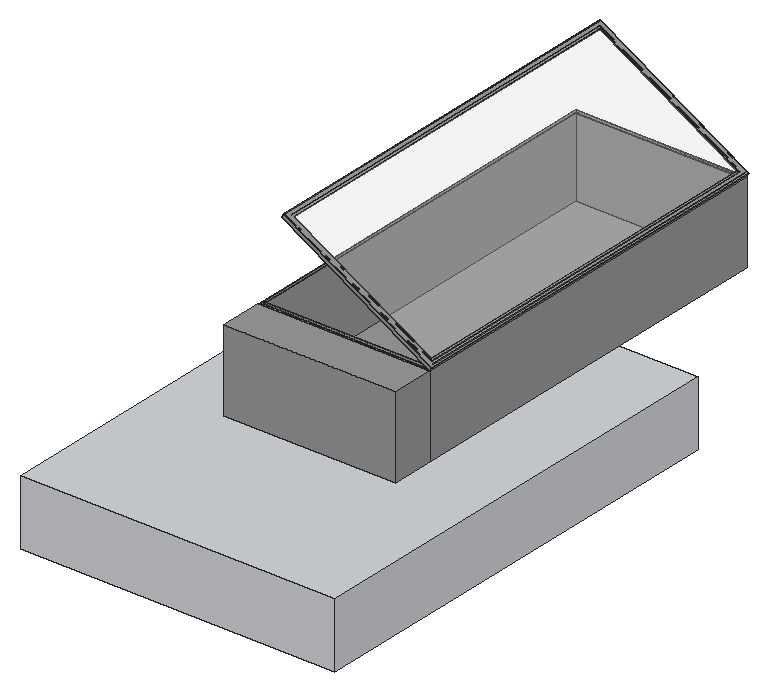
Revit family "Hager-Univers-IP55-D400-H2050-Cl.I-Steel_encl-CH-it", category Equipement électrique, Revit 2020
Family settings
  Hôte = Face
  Configuration du panneau = Deux colonnes, circuits au sein
  Cote de connecteur circulaire = Utiliser le diamètre
  Type d'élément = Tableau de raccordement
  Couper avec des vides une fois chargée = Non
  Partagée = Non
  Point de calcul de pièce = Non
Parameters (values of type "montaggio a pavimento IP55 L800 A2050 P400  - FR23V2")
  Width Control [instance] = if([EF000008 - Larghezza] > Min Width, [EF000008 - Larghezza], Min Width)  # 800 mm
  Commentaires du type = [HG000003 - Gamma]  # "Univers"
  Thickness Door [instance] = if([EF009171 - spessore materiale porta/coperchio] > 3 mm, 3 mm, [EF009171 - spessore materiale porta/coperchio])  # 1.5 mm
  Seal Frame Offset [instance] = 17 mm  # constant formula
  Plinth Visibility [instance] = [HG000027 - Altezza dello zoccolo] > 0 mm  # yes
  Model = ""
  Min Width [instance] = 100 mm  # constant formula
  Min Height [instance] = 100 mm  # constant formula
  Min Depth [instance] = (2 * [EF009170 - spessore materiale scatola]) + 1 mm  # 4 mm
  Internal Frame Depth [instance] = (Door System Depth * 0.5)  # 9 mm
  Height Control [instance] = if([EF000040 - Altezza] > Min Height, [EF000040 - Altezza], Min Height)  # 2050 mm
  HG000027 - Altezza dello zoccolo = 200 mm
  HG000026 - A pavimento = yes
  HG000024 - Altezza della sezione inferiore = 800 mm
  HG000023 - Custodia a doppia sezione = no
  HG000016 - Visibilità delle porte nella vista 3D [instance] = yes
  HG000015 - Visibilità attraverso la porta [instance] = no
  HG000014 - Porta destra [instance] = yes
  HG000013 - Porta sinistra [instance] = not([HG000014 - Porta destra])  # no
  HG000012 - Angolo di apertura della porta [instance] = 30.00°
  HG000010 - Porte asimmetriche = no
  HG000009 - Porta doppia a battente = no
  HG000006 - Ad incasso = no
  HG000004 - Codice produttore = "FR23V2"
  HG000003 - Gamma = "Univers"
  HG000002 - Con porta = yes
  Frame Offset Bottom [instance] = 10 mm  # constant formula
  Frame Offset [instance] = 15 mm  # constant formula
  EF015940 - Coprire con rilascio di sovrapressione = no
  EF011959 - tipo di protezione (NEMA) = ""
  EF009554 - numero delle aperture per la piastra della flangia = 6
  Fabricant = "Hager"  # constant formula
  EF009212 - esecuzione coperchio = "EV000116 - chiuso"
  EF009171 - spessore materiale porta/coperchio = 1.5 mm
  EF009170 - spessore materiale scatola = 1.5 mm
  EF008873 - corrente nominale (In) = 800 A
  EF007800 - adatto per parafulmine = no
  EF006306 - con serratura = no
  EF006244 - coperchio/porta trasparente = yes
  EF005474 - grado di protezione (IP) = "EV006420 - IP55"
  EF004464 - tipo di porta = "EV002646 - singolo"
  EF004427 - numero di moduli = 432
  EF004293 - resistenza agli urti = "EV008784 - IK10"
  EF003532 - adatto per uso esterno = no
  EF002950 - Numero moduli DIN = 24
  EF001613 - Integrità del circuito = "EV000494 - senza"
  EF001596 - Attacco Lampada = "EV000179 - acciaio"
  EF001131 - profondità interna = 400 mm
  EF001088 - possibilità di applicazione = yes
  EF000437 - numero di ingressi per conduttori = 6
  EF000339 - tipo di copertura = "EV004216 - porta"
  EF000266 - numero di file = 12
  EF000218 - profondità di incasso = 0 mm
  EF000118 - con piastra di montaggio = no
  EF000116 - numero RAL = "7035"
  EF000049 - profondità = 400 mm
  EF000040 - Altezza = 2050 mm
  EF000008 - Larghezza = 800 mm
  EF000007 - colore = "EV000270 - grigio"
  EF000003 - Tipo di montaggio = "EV012274 - montaggio a pavimento"
  Door System Leaf Tolerance [instance] = 1.5 mm  # constant formula
  Door System Depth [instance] = 18 mm  # constant formula
  Door Height [instance] = Height Control - [HG000027 - Altezza dello zoccolo]  # 1850 mm
  Depth Control [instance] = if([EF000049 - profondità] > Min Depth, [EF000049 - profondità], Min Depth)  # 400 mm
  Default Elevation = 0 mm
  Connector Offset [instance] = Height Control / 2  # 1025 mm
  Bottom Top Plate Trim [instance] = 1.5 mm  # constant formula
  Plinth height Ctrl [instance] = if([HG000027 - Altezza dello zoccolo] > 0 mm, [HG000027 - Altezza dello zoccolo], 12 mm)  # 200 mm
Types (11, lengths in mm): name | Width Control | HG000010 - Porte asimmetriche | HG000009 - Porta doppia a battente | HG000004 - Codice produttore | EF009554 - numero delle aperture per la piastra della flangia | EF006244 - coperchio/porta trasparente | EF004464 - tipo di porta | EF004427 - numero di moduli | EF000437 - numero di ingressi per conduttori | EF000008 - Larghezza
  montaggio a pavimento IP55 L1050 A2050 P400  - FR24G2 | 1050 | yes | yes | "FR24G2" | 8 | no | "EV003602 - doppio" | 576 | 8 | 1050
  montaggio a pavimento IP55 L1050 A2050 P400  - FR24V2 | 1050 | yes | yes | "FR24V2" | 8 | yes | "EV003602 - doppio" | 576 | 8 | 1050
  montaggio a pavimento IP55 L1300 A2050 P400  - FR25G2 | 1300 | yes | yes | "FR25G2" | 10 | no | "EV003602 - doppio" | 720 | 10 | 1300
  montaggio a pavimento IP55 L1300 A2050 P400  - FR25V2 | 1300 | yes | yes | "FR25V2" | 10 | yes | "EV003602 - doppio" | 720 | 10 | 1300
  montaggio a pavimento IP55 L1550 A2050 P400  - FR26G2 | 1550 | yes | yes | "FR26G2" | 12 | no | "EV003602 - doppio" | 864 | 12 | 1550
  montaggio a pavimento IP55 L1550 A2050 P400  - FR26V2 | 1550 | yes | yes | "FR26V2" | 12 | yes | "EV003602 - doppio" | 864 | 12 | 1550
  montaggio a pavimento IP55 L300 A2050 P400  - FR21G2 | 300 | no | no | "FR21G2" | 2 | no | "EV002646 - singolo" | 144 | 2 | 300
  montaggio a pavimento IP55 L550 A2050 P400  - FR22G2 | 550 | no | no | "FR22G2" | 4 | no | "EV002646 - singolo" | 288 | 4 | 550
  montaggio a pavimento IP55 L550 A2050 P400  - FR22V2 | 550 | no | no | "FR22V2" | 4 | yes | "EV002646 - singolo" | 288 | 4 | 550
  montaggio a pavimento IP55 L800 A2050 P400  - FR23G2 | 800 | no | no | "FR23G2" | 6 | no | "EV002646 - singolo" | 432 | 6 | 800
  montaggio a pavimento IP55 L800 A2050 P400  - FR23V2 | 800 | no | no | "FR23V2" | 6 | yes | "EV002646 - singolo" | 432 | 6 | 800
Reference planes
  plane 1 "Center (Front/Back)": y = 0
  plane 2: z = 0
  plane 3 "Center (Left/Right)": x = 0
  plane 4: z = 400
  plane 5: y = 201.5
  plane 6: y = 1125
  plane 7: y = 200
  plane 8: y = 2050
  plane 9: z = 0
  plane 10: x = -385
  plane 11: x = 385
  plane 12: x = 383.5
  plane 13: x = -383.5
  plane 14: y = 2048.5
  plane 15: x = -383
  plane 16: x = -400
  plane 17: x = 383
  plane 18: x = 400
  plane 19: x = 398.5
  plane 20: x = -398.5
  plane 21: y = 211.5
  plane 22: y = 2050
  plane 23: y = 2033.5
  plane 24: z = 382
  plane 25: z = 1.5
  plane 26: z = 380.5
  plane 27: z = 398.5
Forms (mm)
  Extrusion 1, solid
    sketch origin (0, 0, 0) x (1, 0, 0) y (0, 1, 0)
      loop
        line (-702.964, 1305) -> (-702.964, -811.445) -> (766.763, -811.445) -> (766.763, 1305) -> (-702.964, 1305)
    from 0 to -304.8
  Extrusion 2, solid, material "Hager_Steel_RAL7035_Light_Grey", visible <- "Plinth Visibility", detail levels medium+fine
    sketch origin (0, 0, 0) x (1, 0, 0) y (0, 1, 0)
      loop
        line (-400, 0) -> (400, 0) -> (400, 200) -> (-400, 200) -> (-400, 0)
    from 0 to 382
  Extrusion 3, solid, material "Hager_Steel_RAL7035_Light_Grey", detail levels medium+fine
    sketch origin (0, 0, 0) x (1, 0, 0) y (0, 1, 0)
      loop
        line (-400, 200) -> (400, 200) -> (400, 2050) -> (-400, 2050) -> (-400, 200)
    from 0 to 382
  Extrusion 4, void
    sketch origin (0, 0, 0) x (1, 0, 0) y (0, 1, 0)
      loop
        line (-398.5, 201.5) -> (398.5, 201.5) -> (398.5, 2048.5) -> (-398.5, 2048.5) -> (-398.5, 201.5)
    from 1.5 to 380.5
  Extrusion 5, void
    sketch origin (-381.607, -4572, 382) x (0, -1, 0) y (-1, 0, 0)
      loop
        line (-4783.5, 1.893) -> (-6605.5, 1.893) -> (-6605.5, -765.107) -> (-4783.5, -765.107) -> (-4783.5, 1.893)
    from 0 to 1.5 <- "EF009170 - spessore materiale scatola"
  Extrusion 6, solid, material "Hager_Steel_RAL7035_Light_Grey", detail levels fine
    sketch origin (0, 0, 382) x (1, 0, 0) y (0, 1, 0)
      loop
        line (-383.5, 2033.5) -> (-383.5, 211.5) -> (383.5, 211.5) -> (383.5, 2033.5) -> (-383.5, 2033.5)
      loop
        line (-385, 210) -> (385, 210) -> (385, 2035) -> (-385, 2035) -> (-385, 210)
    from 0 to 9 <- "Internal Frame Depth"
  Extrusion 7, solid, material "Hager_Steel_RAL7035_Light_Grey", detail levels coarse
    sketch origin (0, 0, 0) x (1, 0, 0) y (0, 1, 0)
      loop
        line (-400, 0) -> (400, 0) -> (400, 2050) -> (-400, 2050) -> (-400, 0)
    from 0 to 400
  Sweep 8, void
    path in 3D
      loop
        line (-400, 200, 0) -> (400, 200, 0) -> (400, 200, 382) -> (-400, 200, 382) -> (-400, 200, 0)
    profile origin (-400, 200, 191) x (-1, 0, 0) y (0, -1, 0)
      loop
        line (0, 0) -> (0, 1.5) -> (-1.5, 1.5)
        arc (-1.5, 1.5) -> (-1.061, 0.439) -> (0, 0) r 1.5
Cuts and joins
  Extrusion 4, Extrusion 5 cuts Extrusion 3
  Sweep 8 cuts Extrusion 2
Lines and regions (mm)
  Masking region 1
    outline origin (0, 0, 0) x (1, 0, 0) y (0, 0, 1)
      loop
        line (-400, 400) -> (-400, 0) -> (400, 0) -> (400, 400) -> (-400, 400)
  Masking region 2, detail levels medium+fine
    outline origin (0, 140, 0) x (0, 1, 0) y (0, 0, 1)
      loop
        line (60, 0) -> (1910, 0) -> (1910, 382) -> (60, 382) -> (60, 0)
  Masking region 3, not visible, detail levels medium+fine
    outline origin (0, 297.922, 0) x (0, 1, 0) y (0, 0, 1)
      loop
        line (838.578, 0) -> (878.578, 0) -> (878.578, 388.5)
        arc (878.578, 388.5) -> (875.649, 395.571) -> (868.578, 398.5) r 10
        line (868.578, 398.5) -> (838.578, 398.5) -> (838.578, 0)
  Masking region 4, detail levels coarse
    outline origin (0, 0, 180) x (0, 1, 0) y (0, 0, 1)
      loop
        line (0, -180) -> (2050, -180) -> (2050, 220) -> (0, 220) -> (0, -180)
  Masking region 5, visible <- "Plinth Visibility", detail levels medium+fine
    outline origin (0, 52.24, 12.345) x (0, 0, -1) y (0, 1, 0)
      loop
        line (10.845, 147.76) -> (-368.155, 147.76)
        arc (-368.155, 147.76) -> (-368.594, 146.699) -> (-369.655, 146.26) r 1.5
        line (-369.655, 146.26) -> (-369.655, -52.24) -> (12.345, -52.24) -> (12.345, 146.26)
        arc (12.345, 146.26) -> (11.285, 146.699) -> (10.845, 147.76) r 1.5
  Masking region 6, detail levels medium+fine
    outline origin (-381.607, -4572, 382) x (-1, 0, 0) y (0, -1, 0)
      loop
        line (18.393, -6622) -> (18.393, -4772) -> (-781.607, -4772) -> (-781.607, -6622) -> (18.393, -6622)
  Masking region 7, visible <- "Plinth Visibility", detail levels medium+fine
    outline origin (-381.607, -4727, 382) x (-1, 0, 0) y (0, -1, 0)
      loop
        arc (16.893, -4927) -> (17.332, -4925.939) -> (18.393, -4925.5) r 1.5
        line (18.393, -4925.5) -> (18.393, -4727) -> (-781.607, -4727) -> (-781.607, -4925.5)
        arc (-781.607, -4925.5) -> (-780.546, -4925.939) -> (-780.107, -4927) r 1.5
        line (-780.107, -4927) -> (16.893, -4927)
  Masking region 8, detail levels coarse
    outline origin (-442.548, -4669.526, 382) x (-1, 0, 0) y (0, -1, 0)
      loop
        line (-42.548, -6719.526) -> (-42.548, -4669.526) -> (-842.548, -4669.526) -> (-842.548, -6719.526) -> (-42.548, -6719.526)
  sketch lines
    curve 1: line (-400, 200, 382) -> (-400, 200, 0)
    curve 2: line (400, 200, 382) -> (-400, 200, 382)
    curve 3: line (400, 200, 382) -> (400, 200, 0)
    curve 4: line (-400, 200, 0) -> (400, 200, 0)
Dimensions and locks
  "Depth Control": plane 4 to Extrusion 1
  "HG000027 - Altezza dello zoccolo": plane 1 "Center (Front/Back)" to plane 7
  "EF009170 - spessore materiale scatola": plane 5 to plane 7
  locked: connector elem to plane 3 "Center (Left/Right)"
  equal spacing: plane 8, plane 6, plane 7
  locked: connector elem to plane 6
  "EF009170 - spessore materiale scatola": plane 8 to plane 14
  "EF009170 - spessore materiale scatola": plane 10 to plane 13
  "EF009170 - spessore materiale scatola": plane 12 to plane 11
  "Frame Offset": plane 20 to plane 13
  "Frame Offset": plane 12 to plane 19
  "EF009170 - spessore materiale scatola": plane 16 to plane 20
  "EF009170 - spessore materiale scatola": plane 19 to plane 18
  "Seal Frame Offset": plane 16 to plane 15
  "Seal Frame Offset": plane 17 to plane 18
  "Frame Offset Bottom": plane 21 to plane 5
  "Frame Offset": plane 14 to plane 23
  equal spacing: plane 16, plane 3 "Center (Left/Right)", plane 18
  "Width Control": plane 16 to plane 18
  "EF009170 - spessore materiale scatola": plane 4 to plane 27
  "EF009170 - spessore materiale scatola": plane 24 to plane 26
  "EF009170 - spessore materiale scatola": plane 25 to level
  "Door System Depth": plane 4 to plane 24
  "Height Control": plane 1 "Center (Front/Back)" to Extrusion 7 sketch curve
  "Height Control": Masking region 4 sketch curve to plane 1 "Center (Front/Back)"
  "Height Control": plane 1 "Center (Front/Back)" to plane 22
  "Bottom Top Plate Trim": profile plane to Sweep 8 sketch curve
  "Bottom Top Plate Trim": Sweep 8 sketch curve to profile plane
  "Plinth height Ctrl": plane 1 "Center (Front/Back)" to Extrusion 2 sketch curve
  "Plinth height Ctrl": Masking region 5 sketch curve to plane 1 "Center (Front/Back)"
  "Plinth height Ctrl": plane 1 "Center (Front/Back)" to Masking region 7 sketch curve
  "Thickness Door": Extrusion 6 sketch curve to Extrusion 6 sketch curve  (x3)
  "Thickness Door": cut or joined group of Extrusion 3, Extrusion 4, Extrusion 5 to Extrusion 6 sketch curve
  radius of Masking region 3 sketch curve = 10 mm
  "Bottom Top Plate Trim": radius of Masking region 5 sketch curve  (x2)
  "Bottom Top Plate Trim": radius of Sweep 8 sketch curve
  "Bottom Top Plate Trim": radius of Masking region 7 sketch curve  (x2)
  aligned and locked: plane 2 to Extrusion 1
  aligned and locked: level to Extrusion 1
  aligned and locked: level to Masking region 1 sketch curve
  aligned and locked: Masking region 1 sketch curve to plane 18
  aligned and locked: Masking region 1 sketch curve to plane 16
  aligned and locked: plane 7 to Masking region 2 sketch curve
  aligned and locked: level to Masking region 3 sketch curve
  aligned and locked: Masking region 3 sketch curve to plane 27
  aligned and locked: level to Masking region 2 sketch curve
  aligned and locked: plane 1 "Center (Front/Back)" to Extrusion 2 sketch curve
  aligned and locked: Extrusion 3 sketch curve to plane 7
  aligned and locked: plane 16 to Extrusion 3 sketch curve
  aligned and locked: plane 18 to Extrusion 3 sketch curve
  aligned and locked: plane 20 to Extrusion 4 sketch curve
  aligned and locked: plane 19 to Extrusion 4 sketch curve
  aligned and locked: Extrusion 4 sketch curve to plane 5
  aligned and locked: Extrusion 4 to plane 25
  aligned and locked: plane 26 to Extrusion 4
  aligned and locked: plane 24 to Extrusion 3
  aligned and locked: Extrusion 5 sketch curve to plane 21
  aligned and locked: Extrusion 5 sketch curve to plane 13
  aligned and locked: Extrusion 5 sketch curve to plane 12
  aligned and locked: plane 18 to Extrusion 7 sketch curve
  aligned and locked: plane 1 "Center (Front/Back)" to Extrusion 7 sketch curve
  aligned and locked: plane 16 to Extrusion 7 sketch curve
  aligned and locked: plane 4 to Extrusion 7
  aligned and locked: Extrusion 7 to level
  aligned and locked: level to Masking region 4 sketch curve
  aligned and locked: Masking region 4 sketch curve to plane 1 "Center (Front/Back)"
  aligned and locked: Masking region 4 sketch curve to plane 4
  aligned and locked: nested 1 to level
  aligned and locked: nested 1 to plane 16
  aligned and locked: plane 8 to Extrusion 3 sketch curve
  aligned and locked: plane 23 to Extrusion 5 sketch curve
  aligned and locked: plane 14 to Extrusion 4 sketch curve
  aligned and locked: Masking region 2 sketch curve to plane 8
  aligned and locked: level to Masking region 5 sketch curve
  aligned and locked: plane 16 to Extrusion 2 sketch curve
  aligned and locked: plane 18 to Extrusion 2 sketch curve
  aligned and locked: Masking region 5 sketch curve to plane 24
  aligned and locked: Masking region 2 sketch curve to plane 24
  aligned and locked: plane 24 to Extrusion 2
  aligned and locked: profile plane to Sweep 8 sketch curve  (x2)
  aligned and locked: Masking region 6 sketch curve to plane 18
  aligned and locked: Masking region 6 sketch curve to plane 22
  aligned and locked: Masking region 6 sketch curve to plane 16
  aligned and locked: plane 8 to plane 22
  aligned and locked: Masking region 6 sketch curve to plane 7
  aligned and locked: Masking region 7 sketch curve to plane 16
  aligned and locked: Masking region 7 sketch curve to plane 1 "Center (Front/Back)"
  aligned and locked: Masking region 7 sketch curve to plane 18
  aligned and locked: Masking region 8 sketch curve to plane 1 "Center (Front/Back)"
  aligned and locked: Masking region 8 sketch curve to plane 18
  aligned and locked: Masking region 8 sketch curve to plane 22
  aligned and locked: Masking region 8 sketch curve to plane 16
  aligned and locked: nested 2 to plane 7
  aligned and locked: plane 3 "Center (Left/Right)" to nested 2
  aligned and locked: nested 2 to plane 24
  aligned and locked: Extrusion 6 sketch curve to cut or joined group of Extrusion 3, Extrusion 4, Extrusion 5  (x4)
Automatic sketch dimensions
  Extrusion 1 sketch curve to Extrusion 1 sketch curve = 1469.727 mm
  Extrusion 1 sketch curve to Extrusion 1 sketch curve = 2116.445 mm
  Masking region 1 sketch curve to plane 4 = 0 mm
  plane 6 to Masking region 3 sketch curve = 11.5 mm
  Masking region 3 sketch curve to Masking region 3 sketch curve = 30 mm
  Masking region 5 sketch curve to plane 1 "Center (Front/Back)" = 0 mm
Nested families
  nested 1: "Hager_Enclosure_Symbol" at (-400, 0, 0) x (1, 0, 0) z (0, -1, 0), Height <- "Depth Control", Width <- "Width Control", type "Hager_Enclosure_Symbol"
    with Width_Ctrl 800 mm, Width 800 mm, Height_Ctrl 400 mm, Height 400 mm, A_Width_Int 26.25 mm, A_Width 315 mm, A_Height_Ctrl 350 mm, A_Height 350 mm
  nested 2: "EC000058_Univers_Door" at (0, 200, 382) x (1, 0, 0) z (0, 1, 0), Leaf_Tolerance <- "Door System Leaf Tolerance", Angle <- "HG000012 - Angolo di apertura della porta", Door_Depth <- "Door System Depth", Door_Left <- "HG000013 - Porta sinistra", Transparent <- "EF006244 - coperchio/porta trasparente", Assymetrical <- "HG000010 - Porte asimmetriche", Width <- "Width Control", Clearance <- "HG000015 - Visibilità attraverso la porta", Double <- "HG000009 - Porta doppia a battente", 3d_Door <- "HG000016 - Visibilità delle porte nella vista 3D", Lock_Visibility <- "EF006306 - con serratura", Width_Ctrl <- "Width Control", Door_Right <- "HG000014 - Porta destra", Door <- "HG000002 - Con porta", Height <- "Door Height", Thickness <- "Thickness Door", type "EC000058_Univers_Door", detail levels medium+fine
    with min_wh 4 mm, Width_Ctrl 800 mm, Width 800 mm, Transparent yes, Thickness 1.5 mm, Seal_Material Hager_Rubber, Lock_Visibility no, Lock_Material Hager_Plastic_RAL9005_Jet_Black, Leaf_Width 800 mm, Leaf_Tolerance_External_Sides 0 mm, Leaf_Tolerance 1.5 mm, Leaf_Offset 0 mm, Leaf_Height 1847 mm, Leaf_2_Width 800 mm, Leaf_2_Offset 400 mm, Leaf_1_Width 800 mm, Leaf_1_Offset 400 mm, Height_Ctrl 1850 mm, Height 1850 mm, Glass_Material Hager_Glass, Double_Clearance_Ctrl no, Double no, Door_Right_Ctrl yes, Door_Right yes, Door_Material Hager_Steel_RAL7035_Light_Grey, Door_Left_Ctrl no, Door_Left no, Door_Depth 18 mm, Door yes, Clearance_Material Hager_Clearance, Clearance_Depth 800 mm, Clearance_Ctrl no, Clearance no, Assymetrical no, Angle 30.00°, 3d_Door yes
Connectors
  electrical at (0, 1125, 0)
    settings: on plane 9, index 1, voltage 0 V, apparent load 0 VA, apparent load phase1 0 VA, apparent load phase2 0 VA, apparent load phase3 0 VA, power factor 1, load classification "Other", number of poles 1, system type 30, power factor state 1, is connector primary yes, connector utility no, sub classification motor no, connector description ""
Definition of nested family "EC000058_Univers_Door"
  Parameters (values of type "EC000058_Univers_Door")
    min_wh [instance] = (2 * Thickness) + 1 mm  # 11 mm
    Width_Ctrl [instance] = 400 mm
    Width [instance] = 500 mm
    Transparent [instance] = yes
    Thickness [instance] = 5 mm
    Seal_Material [instance] = none
    Lock_Visibility [instance] = yes
    Lock_Material [instance] = none
    Leaf_Width [instance] = if((Width_Ctrl - 2 * Leaf_Tolerance_External_Sides) > 0 mm, (Width_Ctrl - 2 * Leaf_Tolerance_External_Sides), min_wh)  # 400 mm
    Leaf_Tolerance_External_Sides [instance] = 0 mm  # constant formula
    Leaf_Tolerance [instance] = 1.5 mm
    Leaf_Offset [instance] = 0 mm  # constant formula
    Leaf_Height [instance] = if((Height_Ctrl - 2 * Leaf_Tolerance) > 0 mm, (Height_Ctrl - 2 * Leaf_Tolerance), min_wh)  # 497 mm
    Leaf_2_Width [instance] = if(and(and(Double, Assymetrical), Door_Left), (Leaf_Width / 3) - (Leaf_Tolerance / 2), if(and(and(Double, Assymetrical), Door_Right), (Leaf_Width / 3) * 2 - (Leaf_Tolerance / 2), if(and(Double, not(Assymetrical)), (Leaf_Width / 2) - Leaf_Tolerance, Leaf_Width)))  # 400 mm
    Leaf_2_Offset [instance] = if(and(Double, Assymetrical), Leaf_2_Width / 2, if(and(Double, not(Assymetrical)), Leaf_Width / 4, Leaf_Width / 2))  # 200 mm
    Leaf_1_Width [instance] = if(and(and(Double, Assymetrical), Door_Right), (Leaf_Width / 3) - (Leaf_Tolerance / 2), if(and(and(Double, Assymetrical), Door_Left), (Width / 3) * 2 - (Leaf_Tolerance / 2), if(and(Double, not(Assymetrical)), (Leaf_Width / 2) - Leaf_Tolerance, Leaf_Width)))  # 400 mm
    Leaf_1_Offset [instance] = if(and(Double, Assymetrical), Leaf_1_Width / 2, if(and(Double, not(Assymetrical)), Leaf_Width / 4, Leaf_Width / 2))  # 200 mm
    Height_Ctrl [instance] = if(Height > min_wh, Height, min_wh)  # 500 mm
    Height [instance] = 500 mm
    Glass_Material [instance] = none
    Double_Clearance_Ctrl [instance] = and(Double, Clearance)  # no
    Double [instance] = no
    Door_Right_Ctrl [instance] = and(or(Door_Right, Double), Door)  # yes
    Door_Right [instance] = yes
    Door_Material [instance] = none
    Door_Left_Ctrl [instance] = and(or(Door_Left, Double), Door)  # no
    Door_Left [instance] = no
    Door_Depth [instance] = 30 mm
    Door [instance] = yes
    Default Elevation = 1219.2 mm
    Clearance_Material [instance] = none
    Clearance_Depth [instance] = if(Leaf_1_Width > Leaf_2_Width, Leaf_1_Width, Leaf_2_Width)  # 400 mm
    Clearance_Ctrl [instance] = and(not(Double), Clearance)  # yes
    Clearance [instance] = yes
    Assymetrical [instance] = yes
    Angle [instance] = 30.00°
    3d_Door [instance] = yes
  Reference planes
    plane 1 "Center (Front/Back)": y = 0
    plane 2 "Bottom": z = 0
    plane 3 "Center (Left/Right)": x = 0
    plane 4: z = 500
    plane 5: x = -200
    plane 6: x = 200
    plane 7: z = 500
    plane 8: x = -200
    plane 9: z = 0
    plane 10: x = 200
    plane 11: y = 0
    plane 12: z = 1.5
    plane 13: x = -600
    plane 14: y = -400
    plane 15: x = 600
    plane 16: x = 0
    plane 17: x = 0
    plane 18: x = -200
    plane 19: x = 200
    plane 20: z = 498.5
  Forms (mm)
    Extrusion 1, solid, material <- "Clearance_Material", visible <- "Double_Clearance_Ctrl"
      sketch origin (1200, 0, 0) x (1, 0, 0) y (0, 0, -1)
        loop
          line (-1800, -498.5) -> (-600, -498.5) -> (-600, 0) -> (-1800, 0) -> (-1800, -498.5)
      from 0 to -400
  Dimensions and locks
    equal spacing: plane 5, plane 3 "Center (Left/Right)", plane 6
    "Width_Ctrl": plane 5 to plane 6
    "Leaf_Offset": plane 5 to plane 8
    "Leaf_Offset": plane 6 to plane 10
    "Leaf_Offset": plane 9 to level
    "Leaf_Offset": plane 4 to plane 7
    "Height_Ctrl": plane 4 to level
    "Leaf_Tolerance": plane 12 to plane 9
    locked: plane 11 to plane 1 "Center (Front/Back)"
    "Leaf_1_Offset": plane 18 to plane 16
    "Leaf_2_Offset": plane 17 to plane 19
    "Leaf_1_Width": plane 13 to plane 8
    "Leaf_2_Width": plane 10 to plane 15
    "Clearance_Depth": plane 14 to plane 1 "Center (Front/Back)"
    "Leaf_Tolerance_External_Sides": plane 8 to plane 18
    "Leaf_Tolerance_External_Sides": plane 19 to plane 10
    "Leaf_Tolerance": plane 7 to plane 20
    aligned and locked: level to plane 2 "Bottom"
    aligned and locked: nested 1 to plane 16
    aligned and locked: nested 2 to plane 17
    aligned and locked: Extrusion 1 to plane 13
    aligned and locked: plane 15 to Extrusion 1
    aligned and locked: Extrusion 1 to plane 14
    aligned and locked: plane 12 to nested 1
    aligned and locked: nested 2 to plane 12
    aligned and locked: Extrusion 1 to plane 11
    aligned and locked: plane 20 to Extrusion 1
    aligned and locked: nested 2 to plane 11
    aligned and locked: nested 1 to plane 11
  Automatic sketch dimensions
    Extrusion 1 sketch curve to level = 0 mm
    plane 5 to Extrusion 1 sketch curve = 400 mm
    plane 6 to Extrusion 1 sketch curve = 400 mm
    Extrusion 1 sketch curve to plane 4 = 1.5 mm
  Nested families
    nested 1: "EC000058_Univers_Door_Leaf" at (0, 0, 1.5), Width <- "Leaf_1_Width", visible <- "Door_Left_Ctrl", Leaf_Height <- "Leaf_Height", Angle <- "Angle", 3d_Door <- "3d_Door", Transparent <- "Transparent", Clearance Material <- "Clearance_Material", Clearance <- "Clearance_Ctrl", Door_Material <- "Door_Material", Glass_Material <- "Glass_Material", Door_Depth <- "Door_Depth", Lock_Material <- "Lock_Material", Seal_Material <- "Seal_Material", Lock_Visibility <- "Lock_Visibility", Thickness <- "Thickness", type "EC000058_Univers_Door_Leaf"
      with Width 400 mm, Transparent_Glass_Offset 30 mm, Transparent_Ctrl yes, Transparent yes, Thickness 5 mm, Standard no, Seal_Material none, Seal_D2 8 mm, Seal_D1 1 mm, Offset_Internal_Frame 10 mm, Lock_Width 20 mm, Lock_Visibility_3d yes, Lock_Visibility yes, Lock_Thickness_3 3 mm, Lock_Thickness_2 1 mm, Lock_Thickness_1 3 mm, Lock_Radius_Offset_2 16 mm, Lock_Radius_Offset_1 15 mm, Lock_Radius_2 5 mm, Lock_Radius 6 mm, Lock_Offset 5 mm, Lock_Material none, Lock_Height 80 mm, Lock_Cover_Top_Offset_2d 17 mm, Lock_Cover_Height -65 mm, Leaf_Height 497 mm, Internal_Seal_Thickness 8 mm, Internal_Seal_Depth_2 4.5 mm, Internal_Frame_Depth 25 mm, Glass_Thickness -1 mm, Glass_Offset -2 mm, Glass_Material none, Door_Material none, Door_Depth 30 mm, Clearance Material none, Clearance yes, Angle_Ctrl 30.00°, Angle 30.00°, 3d_Door yes
    nested 2: "EC000058_Univers_Door_Leaf" at (0, 0, 1.5) x (-1, 0, 0) z (0, 0, 1), Width <- "Leaf_2_Width", visible <- "Door_Right_Ctrl", Leaf_Height <- "Leaf_Height", Angle <- "Angle", 3d_Door <- "3d_Door", Transparent <- "Transparent", Clearance Material <- "Clearance_Material", Clearance <- "Clearance_Ctrl", Door_Material <- "Door_Material", Glass_Material <- "Glass_Material", Door_Depth <- "Door_Depth", Lock_Material <- "Lock_Material", Seal_Material <- "Seal_Material", Lock_Visibility <- "Lock_Visibility", Thickness <- "Thickness", type "EC000058_Univers_Door_Leaf"
      with Width 400 mm, Transparent_Glass_Offset 30 mm, Transparent_Ctrl yes, Transparent yes, Thickness 5 mm, Standard no, Seal_Material none, Seal_D2 8 mm, Seal_D1 1 mm, Offset_Internal_Frame 10 mm, Lock_Width 20 mm, Lock_Visibility_3d yes, Lock_Visibility yes, Lock_Thickness_3 3 mm, Lock_Thickness_2 1 mm, Lock_Thickness_1 3 mm, Lock_Radius_Offset_2 16 mm, Lock_Radius_Offset_1 15 mm, Lock_Radius_2 5 mm, Lock_Radius 6 mm, Lock_Offset 5 mm, Lock_Material none, Lock_Height 80 mm, Lock_Cover_Top_Offset_2d 17 mm, Lock_Cover_Height -65 mm, Leaf_Height 497 mm, Internal_Seal_Thickness 8 mm, Internal_Seal_Depth_2 4.5 mm, Internal_Frame_Depth 25 mm, Glass_Thickness -1 mm, Glass_Offset -2 mm, Glass_Material none, Door_Material none, Door_Depth 30 mm, Clearance Material none, Clearance yes, Angle_Ctrl 30.00°, Angle 30.00°, 3d_Door yes
  Definition of nested family "EC000058_Univers_Door_Leaf"
    Parameters (values of type "EC000058_Univers_Door_Leaf")
      Width [instance] = 2000 mm
      Transparent_Glass_Offset [instance] = 30 mm
      Transparent_Ctrl [instance] = and(Transparent, [3d_Door])  # yes
      Transparent [instance] = yes
      Thickness [instance] = 5 mm
      Standard [instance] = and(not(Transparent), [3d_Door])  # no
      Seal_Material [instance] = none
      Seal_D2 [instance] = 8 mm  # constant formula
      Seal_D1 [instance] = 1 mm  # constant formula
      Offset_Internal_Frame [instance] = 10 mm  # constant formula
      Lock_Width [instance] = 20 mm  # constant formula
      Lock_Visibility_3d [instance] = and(Lock_Visibility, [3d_Door])  # yes
      Lock_Visibility [instance] = yes
      Lock_Thickness_3 [instance] = 3 mm  # constant formula
      Lock_Thickness_2 [instance] = 1 mm  # constant formula
      Lock_Thickness_1 [instance] = 3 mm  # constant formula
      Lock_Radius_Offset_2 [instance] = Lock_Radius_Offset_1 + 1 mm  # 16 mm
      Lock_Radius_Offset_1 [instance] = 15 mm  # constant formula
      Lock_Radius_2 [instance] = Lock_Radius - 1 mm  # 5 mm
      Lock_Radius [instance] = 6 mm  # constant formula
      Lock_Offset [instance] = 5 mm  # constant formula
      Lock_Material [instance] = none
      Lock_Height [instance] = 80 mm  # constant formula
      Lock_Cover_Top_Offset_2d [instance] = Lock_Radius_Offset_2 + 1 mm  # 17 mm
      Lock_Cover_Height [instance] = -(Lock_Height - Lock_Radius_Offset_1)  # -65 mm
      Leaf_Height [instance] = 2720.336 mm
      Internal_Seal_Thickness [instance] = 8 mm  # constant formula
      Internal_Seal_Depth_2 [instance] = 4.5 mm  # constant formula
      Internal_Frame_Depth [instance] = if(Door_Depth - Thickness > 5 mm, Door_Depth - Thickness, 5 mm)  # 25 mm
      Glass_Thickness [instance] = if(Thickness > 15 mm, Glass_Offset + 10 mm, -1 mm)  # -1 mm
      Glass_Offset [instance] = if(Thickness > 15 mm, -(Thickness + 10 mm) / 2, -2 mm)  # -2 mm
      Glass_Material [instance] = none
      Door_Material [instance] = none
      Door_Depth [instance] = 30 mm
      Default Elevation = 0 mm
      Clearance Material [instance] = none
      Clearance [instance] = yes
      Angle_Ctrl [instance] = if(Angle > 180.00°, 180.00°, Angle)  # 90.00°
      Angle [instance] = 90.00°
      3d_Door [instance] = yes
    Reference planes
      plane 1 "Center (Front/Back)": y = 0
      plane 2: z = 0
      plane 3 "Center (Left/Right)": x = 0
      plane 4: y = 2000
      plane 5: x = -1000
      plane 6: x = 1000
      plane 7: x = -3000
      plane 8: z = 2720.336
      plane 9: z = 30
      plane 10: z = 2690.336
      plane 11: x = 970
      plane 12: x = -970
      plane 13: y = -3
      plane 14: z = 107.833
      plane 15: y = -5
      plane 16: y = -223.314
      plane 17: x = -1000
      plane 18: z = 1360.168
      plane 19: y = 30
    Forms (mm)
      Extrusion 1, solid, material <- "Clearance Material", visible <- "Clearance"
        sketch origin (0, 0, 0) x (1, 0, 0) y (0, 0, 1)
          loop
            line (-3000, 2720.336) -> (-3000, 0) -> (1000, 0) -> (1000, 2720.336) -> (-3000, 2720.336)
        from 0 to -2000
      Extrusion 2, solid, material <- "Door_Material", visible <- "Standard", detail levels medium+fine
        sketch origin (-1000, 0, 0) x (0, 1, 0) y (-1, 0, 0)
          loop
            line (0, 30) -> (0, 25) -> (2000, 25) -> (2000, 30) -> (0, 30)
        from 0 to 2720.336 <- "Leaf_Height"
      Extrusion 3, solid, material <- "Door_Material", visible <- "Transparent_Ctrl", detail levels medium+fine
        sketch origin (-1000, 0, 0) x (0, 1, 0) y (-1, 0, 0)
          loop
            line (0, 25) -> (2000, 25) -> (2000, 30) -> (0, 30) -> (0, 25)
        from 0 to 2720.336 <- "Leaf_Height"
      Extrusion 4, void
        sketch origin (-1025, 2000, 0) x (0, 1, 0) y (0, 0, -1)
          loop
            line (-30, -2690.336) -> (-30, -30) -> (-1970, -30) -> (-1970, -2690.336) -> (-30, -2690.336)
        from 0 to 5 <- "Thickness"
      Sweep 5, solid, material <- "Seal_Material", visible <- "Transparent_Ctrl", detail levels fine
        path in 3D
          loop
            line (-1025, 30, 30) -> (-1025, 30, 2690.336) -> (-1025, 1970, 2690.336) -> (-1025, 1970, 30) -> (-1025, 30, 30)
        profile origin (-1025, 1000, 30) x (1, 0, 0) y (0, 0, 1)
          loop
            line (0, 0) -> (0, -8) -> (1, -8) -> (1, 0) -> (0, 0)
      Extrusion 6, solid, material <- "Glass_Material", visible <- "Transparent_Ctrl", detail levels medium+fine
        sketch origin (-1030, 0, 0) x (0, 1, 0) y (0, 0, -1)
          loop
            line (1970, -2690.336) -> (1970, -30) -> (30, -30) -> (30, -2690.336) -> (1970, -2690.336)
        from -2 <- "Glass_Offset" to -1 <- "Glass_Thickness"
      Extrusion 7, solid, material <- "Door_Material", visible <- "3d_Door", detail levels medium+fine
        sketch origin (-1025, 2000, 0) x (0, -1, 0) y (0, 0, -1)
          loop
            line (0, -2720.336) -> (2000, -2720.336) -> (2000, 0) -> (0, 0) -> (0, -2720.336)
          loop
            line (1995, -5) -> (5, -5) -> (5, -2715.336) -> (1995, -2715.336) -> (1995, -5)
        from 0 to 25 <- "Internal_Frame_Depth"
      Sweep 8, solid, material <- "Seal_Material", visible <- "Transparent_Ctrl", detail levels fine
        path in 3D
          loop
            line (-1025, 0, 0) -> (-1025, 2000, 0) -> (-1025, 2000, 2720.336) -> (-1025, 0, 2720.336) -> (-1025, 0, 0)
        profile origin (-1025, 0, 1360.168) x (1, 0, 0) y (0, 1, 0)
          loop
            line (0, 10) -> (2.975, 10)
            arc (2.975, 10) -> (4.053, 10.447) -> (4.5, 11.525) r 1.525
            line (4.5, 11.525) -> (4.5, 16.527)
            arc (4.5, 16.527) -> (4.069, 17.569) -> (3.027, 18) r 1.473
            line (3.027, 18) -> (0, 18) -> (0, 10)
      Extrusion 9, solid, material <- "Lock_Material", visible <- "Lock_Visibility_3d", detail levels fine
        sketch origin (-1030, 0, 0) x (0, 1, 0) y (0, 0, -1)
          loop
            arc (1993.5, -1400.168) -> (1994.561, -1399.729) -> (1995, -1398.668) r 1.5
            line (1995, -1398.668) -> (1995, -1320.168) -> (1975, -1320.168) -> (1975, -1398.668)
            arc (1975, -1398.668) -> (1975.439, -1399.729) -> (1976.5, -1400.168) r 1.5
            line (1976.5, -1400.168) -> (1993.5, -1400.168)
        from 3 <- "Lock_Thickness_1" to 0
      Blend 10, solid, material <- "Lock_Material", visible <- "Lock_Visibility_3d", detail levels fine
        base sketch origin (-1033, 0, 0) x (0, 1, 0) y (0, 0, -1)
          loop
            line (1975, -1320.168) -> (1975, -1398.668)
            arc (1975, -1398.668) -> (1975.439, -1399.729) -> (1976.5, -1400.168) r 1.5
            line (1976.5, -1400.168) -> (1993.5, -1400.168)
            arc (1993.5, -1400.168) -> (1994.561, -1399.729) -> (1995, -1398.668) r 1.5
            line (1995, -1398.668) -> (1995, -1320.168) -> (1975, -1320.168)
        top sketch origin (-1033, 0, 0) x (0, 1, 0) y (0, 0, -1)
          loop
            line (1976, -1320.168) -> (1976, -1398.668)
            arc (1976, -1398.668) -> (1976.146, -1399.022) -> (1976.5, -1399.168) r 0.5
            line (1976.5, -1399.168) -> (1993.5, -1399.168)
            arc (1993.5, -1399.168) -> (1993.854, -1399.022) -> (1994, -1398.668) r 0.5
            line (1994, -1398.668) -> (1994, -1320.168) -> (1976, -1320.168)
        from 0 to 1 <- "Lock_Thickness_2"
      Blend 11, solid, material <- "Lock_Material", visible <- "Lock_Visibility_3d", detail levels fine
        base sketch origin (-1034, 0, 0) x (0, 1, 0) y (0, 0, -1)
          loop
            line (1978, -1320.168) -> (1978, -1384.168)
            arc (1978, -1384.168) -> (1985, -1391.168) -> (1992, -1384.168) r 7
            line (1992, -1384.168) -> (1992, -1320.168) -> (1978, -1320.168)
        top sketch origin (-1034, 0, 0) x (0, 1, 0) y (0, 0, -1)
          loop
            line (1991, -1320.168) -> (1979, -1320.168) -> (1979, -1383.168)
            arc (1979, -1383.168) -> (1985, -1389.168) -> (1991, -1383.168) r 6
            line (1991, -1383.168) -> (1991, -1320.168)
        from 0 to 3 <- "Lock_Thickness_3"
      Extrusion 12, solid, material <- "Lock_Material", visible <- "Lock_Visibility_3d", detail levels fine
        sketch origin (-1030, 1975, 1320.168) x (1, 0, 0) y (0, -1, 0)
          loop
            line (-7, -19) -> (-7, -1) -> (0, -1) -> (0, 0) -> (-8, 0) -> (-8, -20) -> (0, -20) -> (0, -19) -> (-7, -19)
        from 0 to -65 <- "Lock_Cover_Height"
      Extrusion 13, void
        sketch origin (-1038, 1995, 1320.168) x (-1, 0, 0) y (0, 0, -1)
          loop
            line (-5, -65) -> (0, -65) -> (-5, -60) -> (-5, -65)
        from 0 to 20 <- "Lock_Width"
      Extrusion 14, void
        sketch origin (-1038, 1975, 1320.168) x (0, -1, 0) y (0, 0, -1)
          loop
            circle (-10, -15.995) r 6
          loop
            circle (-10, -15.995) r 5
        from 0 to 2
      Extrusion 15, solid, material <- "Lock_Material", visible <- "Lock_Visibility_3d", detail levels medium
        sketch origin (-1030, 0, 0) x (0, 1, 0) y (0, 0, -1)
          loop
            arc (1993.5, -1400.168) -> (1994.561, -1399.729) -> (1995, -1398.668) r 1.5
            line (1995, -1398.668) -> (1995, -1320.168) -> (1975, -1320.168) -> (1975, -1398.668)
            arc (1975, -1398.668) -> (1975.439, -1399.729) -> (1976.5, -1400.168) r 1.5
            line (1976.5, -1400.168) -> (1993.5, -1400.168)
        from 8 to 0
    Cuts and joins
      Extrusion 4 cuts Extrusion 3
      Extrusion 13, Extrusion 14 cuts Extrusion 9
      Extrusion 14 cuts Blend 11
      Extrusion 13, Extrusion 14 cuts Extrusion 12
      joined: Extrusion 9, Blend 10, Blend 11, Extrusion 12
      Extrusion 14 cuts Extrusion 15
    Lines and regions (mm)
      Masking region 1, visible <- "Lock_Visibility", detail levels fine
        outline origin (0, 0, 0) x (0, 1, 0) y (0, 0, 1)
          loop
            line (30, 1320.168) -> (33, 1320.168) -> (33, 1400.168) -> (30, 1400.168) -> (30, 1320.168)
      Masking region 2, visible <- "Lock_Visibility", detail levels fine
        outline origin (0, 3.143, 0) x (0, 1, 0) y (0, 0, 1)
          loop
            line (29.857, 1354.168) -> (30.857, 1354.168) -> (30.857, 1366.168) -> (29.857, 1366.168) -> (29.857, 1354.168)
      Masking region 3, detail levels medium+fine
        outline origin (0, 0, 0) x (0, 1, 0) y (0, 0, 1)
          loop
            line (0, 0) -> (30, 0) -> (30, 2720.336) -> (0, 2720.336) -> (0, 0)
      Masking region 4, detail levels medium+fine
        outline origin (0, 0, 0) x (1, 0, 0) y (0, 0, 1)
          loop
            line (-1000, 2720.336) -> (-1000, 0) -> (1000, 0) -> (1000, 2720.336) -> (-1000, 2720.336)
      Masking region 5, visible <- "Lock_Visibility", detail levels fine
        outline origin (-47.116, 0, 0) x (1, 0, 0) y (0, 0, 1)
          loop
            arc (1024.616, 1399.168) -> (1023.556, 1398.729) -> (1023.116, 1397.668) r 1.5
            line (1023.116, 1397.668) -> (1023.116, 1320.168) -> (1041.116, 1320.168) -> (1041.116, 1397.668)
            arc (1041.116, 1397.668) -> (1040.677, 1398.729) -> (1039.616, 1399.168) r 1.5
            line (1039.616, 1399.168) -> (1024.616, 1399.168)
      Masking region 6, visible <- "Lock_Visibility", detail levels medium+fine
        outline origin (-25, 0, 0) x (1, 0, 0) y (0, 0, 1)
          loop
            arc (1001.5, 1400.168) -> (1000.439, 1399.729) -> (1000, 1398.668) r 1.5
            line (1000, 1398.668) -> (1000, 1320.168) -> (1020, 1320.168) -> (1020, 1398.668)
            arc (1020, 1398.668) -> (1019.561, 1399.729) -> (1018.5, 1400.168) r 1.5
            line (1018.5, 1400.168) -> (1001.5, 1400.168)
      Masking region 7, visible <- "Lock_Visibility", detail levels fine
        outline origin (-73.735, 0, 0) x (1, 0, 0) y (0, 0, 1)
          loop
            line (1051.735, 1382.168) -> (1065.735, 1382.168) -> (1065.735, 1384.168)
            arc (1065.735, 1384.168) -> (1058.735, 1391.168) -> (1051.735, 1384.168) r 7
            line (1051.735, 1384.168) -> (1051.735, 1382.168)
      Masking region 8, visible <- "Lock_Visibility", detail levels fine
        outline origin (-73.735, 0, 0) x (1, 0, 0) y (0, 0, 1)
          loop
            line (1052.735, 1382.168) -> (1064.735, 1382.168) -> (1064.735, 1383.168)
            arc (1064.735, 1383.168) -> (1058.735, 1389.168) -> (1052.735, 1383.168) r 6
            line (1052.735, 1383.168) -> (1052.735, 1382.168)
      Masking region 9, visible <- "Lock_Visibility", detail levels fine
        outline origin (-25, 0, 0) x (1, 0, 0) y (0, 0, 1)
          loop
            line (1020, 1320.168) -> (1020, 1382.168) -> (1000, 1382.168) -> (1000, 1320.168) -> (1020, 1320.168)
      Masking region 10, detail levels medium+fine
        outline origin (0, 0, 0) x (1, 0, 0) y (0, 0, 1)
          loop
            circle (985, 1335.144) r 6
      Masking region 11, detail levels fine
        outline origin (0, 0, 0) x (1, 0, 0) y (0, 0, 1)
          loop
            circle (985, 1335.144) r 5
      Masking region 12, visible <- "Lock_Visibility", detail levels fine
        outline origin (0, 12.767, 0) x (0, 1, 0) y (0, 0, 1)
          loop
            line (20.233, 1320.168) -> (21.233, 1320.168) -> (21.233, 1399.168) -> (20.233, 1400.168) -> (20.233, 1320.168)
      Masking region 13, visible <- "Lock_Visibility", detail levels fine
        outline origin (0, 13.767, -10) x (0, 1, 0) y (0, 0, 1)
          loop
            line (20.233, 1330.168) -> (23.233, 1330.168) -> (23.233, 1399.168) -> (20.233, 1402.168) -> (20.233, 1330.168)
      Masking region 14, visible <- "Lock_Visibility", detail levels fine
        outline origin (0, 12.767, -10) x (0, 1, 0) y (0, 0, 1)
          loop
            line (20.233, 1330.168) -> (25.233, 1330.168) -> (25.233, 1399.305) -> (20.233, 1394.305) -> (20.233, 1330.168)
      Masking region 15, visible <- "Lock_Visibility", detail levels medium
        outline origin (0, 0, 0) x (0, 1, 0) y (0, 0, 1)
          loop
            line (30, 1320.168) -> (38, 1320.168) -> (38, 1400.168) -> (30, 1400.168) -> (30, 1320.168)
      Masking region 16, visible <- "Lock_Visibility", detail levels fine
        outline origin (-1000, 0, 0) x (0, 1, 0) y (-1, 0, 0)
          loop
            line (1975, 30) -> (1995, 30) -> (1995, 38) -> (1975, 38) -> (1975, 30)
          loop
            line (1979, 37) -> (1976, 37) -> (1976, 34) -> (1978, 34) -> (1979, 37)
          loop
            line (1994, 37) -> (1991, 37) -> (1992, 34) -> (1994, 34) -> (1994, 37)
      Masking region 17, visible <- "Lock_Visibility", detail levels medium
        outline origin (-1000, 0, 0) x (0, 1, 0) y (-1, 0, 0)
          loop
            line (1975, 30) -> (1995, 30) -> (1995, 38) -> (1975, 38) -> (1975, 30)
      symbolic lines
        curve 1: line (1000, 0, 0) -> (-3000, 0, 0)
        curve 2: arc (1000, 0, 0) -> (-1000, 2000, 0) -> (-3000, 0, 0) r 2000
        curve 4: line (-1030, 0, 0) -> (-1030, 2000, 0)
      reference lines
        curve 3: line (-1000, 0, 0) -> (-1000, 2000, 0)
      symbolic lines, detail levels medium+fine
        curve 5: line (-1030, 2000, 0) -> (-1025, 2000, 0)
        curve 7: line (-1025, 0, 0) -> (-1030, 0, 0)
        curve 8: line (-1025, 0, 0) -> (-1000, 0, 0)
        curve 9: line (-1000, 0, 0) -> (-1000, 2000, 0)
        curve 10: line (-1000, 2000, 0) -> (-1025, 2000, 0)
      symbolic lines, detail levels fine
        curve 6: line (-1025, 2000, 0) -> (-1025, 0, 0)
      sketch lines
        curve 11: line (-1025, 0, 2720.336) -> (-1025, 0, 0)
        curve 12: line (-1025, 2000, 0) -> (-1025, 0, 0)
        curve 13: line (-1025, 2000, 2720.336) -> (-1025, 2000, 0)
        curve 14: line (-1025, 0, 2720.336) -> (-1025, 2000, 2720.336)
        curve 15: line (-1025, 1970, 30) -> (-1025, 30, 30)
        curve 16: line (-1025, 30, 30) -> (-1025, 30, 2690.336)
        curve 17: line (-1025, 1970, 2690.336) -> (-1025, 1970, 30)
        curve 18: line (-1025, 30, 2690.336) -> (-1025, 1970, 2690.336)
      symbolic lines, visible <- "Transparent", detail levels medium+fine
        curve 19: line (-970, 0, 2690.336) -> (970, 0, 2690.336)
        curve 20: line (-970, 0, 30) -> (-970, 0, 2690.336)
        curve 21: line (970, 0, 30) -> (-970, 0, 30)
        curve 22: line (970, 0, 2690.336) -> (970, 0, 30)
    Dimensions and locks
      "Width": plane 1 "Center (Front/Back)" to plane 4
      equal spacing: plane 5, plane 3 "Center (Left/Right)", plane 6
      "Width": plane 5 to plane 6
      "Width": plane 7 to plane 5
      "Leaf_Height": plane 8 to level
      "Width": curve 5 to curve 3
      "Width": curve 3 to curve 3
      plane 8 to plane 10 = 30 mm
      plane 9 to level = 30 mm
      plane 12 to plane 5 = 30 mm
      plane 6 to plane 11 = 30 mm
      Extrusion 1 to Extrusion 4 sketch curve = 30 mm
      "Transparent_Glass_Offset": curve 3 to Extrusion 4 sketch curve
      "Transparent_Glass_Offset": Extrusion 4 sketch curve to cut or joined group of Extrusion 3, Extrusion 4  (x2)
      cut or joined group of Extrusion 3, Extrusion 4 to Extrusion 6 sketch curve = 30 mm
      "Transparent_Glass_Offset": cut or joined group of Extrusion 3, Extrusion 4 to Extrusion 4 sketch curve
      "Thickness": curve 6 to curve 4
      "Thickness": Extrusion 7 sketch curve to Extrusion 7 sketch curve  (x4)
      "Door_Depth": curve 4 to curve 3
      "Offset_Internal_Frame": profile plane to Sweep 8 sketch curve
      "Internal_Seal_Thickness": Sweep 8 sketch curve to Sweep 8 sketch curve
      "Internal_Seal_Depth_2": profile plane to Sweep 8 sketch curve
      "Seal_D1": profile plane to Sweep 5 sketch curve
      "Seal_D2": profile plane to Sweep 5 sketch curve
      "Thickness": Extrusion 2 sketch curve to Extrusion 2 sketch curve
      equal spacing: Extrusion 9 sketch curve, plane 18, Extrusion 9 sketch curve  (x2)
      equal spacing: Masking region 1 sketch curve, plane 18, Masking region 1 sketch curve
      "Lock_Height": Masking region 1 sketch curve to Masking region 1 sketch curve
      "Lock_Radius": Masking region 2 sketch curve to plane 18 to Masking region 2 sketch curve
      Masking region 2 sketch curve to Masking region 1 = 1 mm
      "Door_Depth": plane 19 to plane 1 "Center (Front/Back)"
      "Lock_Thickness_1": Masking region 1 sketch curve to plane 19
      "Lock_Width": Extrusion 9 sketch curve to Extrusion 9 sketch curve
      "Lock_Height": Extrusion 9 sketch curve to Extrusion 9 sketch curve
      "Lock_Offset": cut or joined group of Extrusion 3, Extrusion 4 to Extrusion 9 sketch curve
      equal spacing: plane 8, plane 18, level
      "Lock_Radius_Offset_1": Blend 11 sketch curve to Blend 10
      locked: Blend 10 to Blend 11 sketch curve at 2  (x2)
      locked: var sketch to Blend 11 sketch curve at 1  (x2)
      "Lock_Radius_Offset_2": Blend 11 sketch curve to Blend 10
      locked: Extrusion 12 sketch curve to Extrusion 12 sketch curve at 1  (x3)
      Masking region 6 sketch curve to Masking region 6 sketch curve = 80 mm
      "Lock_Height": Masking region 6 sketch curve to Masking region 6 sketch curve
      "Lock_Width": Masking region 6 sketch curve to Masking region 6 sketch curve
      locked: Masking region 6 to Masking region 5 sketch curve at 1  (x3)
      locked: Masking region 5 to Masking region 7 sketch curve at 2  (x2)
      "Lock_Radius_Offset_1": Masking region 5 to Masking region 7 sketch curve
      "Lock_Radius_Offset_2": Masking region 5 to Masking region 8 sketch curve
      locked: Masking region 7 to Masking region 8 sketch curve at 1  (x2)
      "Lock_Cover_Top_Offset_2d": Masking region 5 to Masking region 9 sketch curve
      equal spacing: Masking region 9, Masking region 10 sketch curve, Masking region 9
      equal spacing: Masking region 9, Masking region 11 sketch curve, Masking region 9
      Extrusion 15 sketch curve to Extrusion 15 sketch curve = 80 mm
      "Lock_Width": Extrusion 15 sketch curve to Extrusion 15 sketch curve
      "Lock_Height": Extrusion 15 sketch curve to Extrusion 15 sketch curve
      equal spacing: Extrusion 15 sketch curve, plane 18, Extrusion 15 sketch curve
      "Lock_Thickness_3": Masking region 13 sketch curve to Masking region 13 sketch curve
      "Lock_Height": Masking region 12 sketch curve to Masking region 12 sketch curve
      locked: Masking region 13 sketch curve to Masking region 1 at 8
      locked: Masking region 14 sketch curve to Masking region 13 at 1
      locked: Masking region 14 sketch curve to Masking region 1 at 10.863
      "Lock_Height": Masking region 15 sketch curve to Masking region 15 sketch curve
      "Lock_Offset": Extrusion 15 sketch curve to cut or joined group of Extrusion 3, Extrusion 4
      "Lock_Offset": plane 6 to Masking region 6 sketch curve
      radius of Sweep 8 sketch curve = 1.525 mm
      radius of Sweep 8 sketch curve = 1.473 mm
      radius of Extrusion 9 sketch curve = 1.5 mm  (x2)
      "Lock_Radius": radius of Extrusion 14 sketch curve
      "Lock_Radius_2": radius of Extrusion 14 sketch curve
      "Lock_Radius": radius of Masking region 10 sketch curve
      "Lock_Radius_2": radius of Masking region 11 sketch curve
      radius of Extrusion 15 sketch curve = 1.5 mm  (x2)
      "Angle_Ctrl": angle plane 1 "Center (Front/Back)" to curve 3
      locked: Masking region 12 sketch curve to Masking region 12 sketch curve (angle 45.00°)
      locked: Masking region 13 sketch curve to Masking region 13 sketch curve (angle 45.00°)
      locked: Masking region 14 sketch curve to Masking region 14 sketch curve (angle 45.00°)
      aligned and locked: level to plane 2
      aligned and locked: Extrusion 1 to curve 1
      aligned and locked: plane 6 to Extrusion 1
      aligned and locked: Extrusion 1 to plane 1 "Center (Front/Back)"
      aligned and locked: plane 4 to Extrusion 1
      aligned and locked: plane 8 to Extrusion 1
      aligned and locked: curve 7 to Extrusion 2 sketch curve
      aligned and locked: curve 5 to Extrusion 2 sketch curve
      aligned and locked: curve 7 to Extrusion 3 sketch curve
      aligned and locked: Extrusion 3 sketch curve to curve 4
      aligned and locked: Extrusion 3 sketch curve to curve 6
      aligned and locked: Extrusion 3 sketch curve to curve 5
      aligned and locked: curve 9 to curve 3
      aligned and locked: Extrusion 7 sketch curve to cut or joined group of Extrusion 3, Extrusion 4  (x4)
      aligned and locked: plane 17 to curve 3
      aligned and locked: plane 1 "Center (Front/Back)" to curve 3
      aligned and locked: plane 17 to plane 5
      aligned and locked: Sweep 8 sketch curve to profile plane
      aligned and locked: Sweep 5 sketch curve to profile plane  (x2)
      aligned and locked: Masking region 1 to Masking region 2 sketch curve
      aligned and locked: plane 19 to Masking region 1 sketch curve
      aligned and locked: plane 1 "Center (Front/Back)" to Masking region 3 sketch curve
      aligned and locked: plane 19 to Masking region 3 sketch curve
      aligned and locked: level to Masking region 3 sketch curve
      aligned and locked: Masking region 3 sketch curve to plane 8
      aligned and locked: plane 17 to Masking region 4 sketch curve
      aligned and locked: level to Masking region 4 sketch curve
      aligned and locked: Masking region 4 sketch curve to plane 8
      aligned and locked: plane 12 to curve 20
      aligned and locked: plane 10 to curve 19
      aligned and locked: plane 11 to curve 22
      aligned and locked: curve 21 to plane 9
      aligned and locked: Extrusion 2 sketch curve to cut or joined group of Extrusion 3, Extrusion 4
      aligned and locked: Blend 10 sketch curve to Extrusion 9  (x4)
      aligned and locked: Extrusion 9 to Blend 10 sketch curve
      aligned and locked: Blend 10 to Blend 11 sketch curve
      aligned and locked: Extrusion 12 sketch curve to Blend 11
      aligned and locked: Extrusion 12 sketch curve to Extrusion 9  (x4)
      aligned and locked: Masking region 5 sketch curve to Masking region 6
      aligned and locked: Masking region 9 sketch curve to Masking region 6  (x3)
      aligned and locked: Masking region 12 sketch curve to Masking region 1
      aligned and locked: Masking region 13 sketch curve to Masking region 1
      aligned and locked: Masking region 12 to Masking region 14
      aligned and locked: Masking region 14 sketch curve to Masking region 1
      aligned and locked: Masking region 15 sketch curve to Masking region 14
      aligned and locked: Masking region 13 sketch curve to Masking region 12
      aligned and locked: Masking region 16 sketch curve to cut or joined group of Extrusion 14, Extrusion 15  (x4)
      aligned and locked: Masking region 16 sketch curve to cut or joined group of Extrusion 9, Blend 10, Blend 11, Extrusion 12, Extrusion 13, Extrusion 14  (x6)
      aligned and locked: cut or joined group of Extrusion 9, Blend 10, Blend 11, Extrusion 12, Extrusion 13, Extrusion 14 to Masking region 16 sketch curve
      aligned and locked: Masking region 17 sketch curve to cut or joined group of Extrusion 14, Extrusion 15  (x3)
      aligned and locked: Masking region 17 sketch curve to cut or joined group of Extrusion 9, Blend 10, Blend 11, Extrusion 12, Extrusion 13, Extrusion 14
      aligned and locked: Masking region 9 to Masking region 8 sketch curve
      aligned and locked: Masking region 9 to Masking region 7 sketch curve
    Automatic sketch dimensions
      plane 1 "Center (Front/Back)" to curve 2 = 0 mm
      curve 2 to plane 5 = 0 mm
      Extrusion 1 sketch curve to level = 0 mm
      Extrusion 1 sketch curve to plane 7 = 0 mm
      Extrusion 1 sketch curve to plane 6 = 0 mm
      Extrusion 1 sketch curve to plane 8 = 0 mm
      Extrusion 3 to Extrusion 6 sketch curve = 30 mm  (x4)
      Masking region 4 sketch curve to plane 6 = 0 mm
      Blend 10 sketch curve to Extrusion 9 = 1.5 mm
      Blend 10 sketch curve to Extrusion 9 = 1 mm
      Extrusion 13 sketch curve to Extrusion 12 = 0 mm  (x2)
      Extrusion 12 to Extrusion 13 sketch curve = 3 mm
      Extrusion 13 sketch curve to Extrusion 12 = 5 mm
      Extrusion 14 sketch curve to Extrusion 14 sketch curve = 0 mm  (x2)
      Extrusion 14 sketch curve to Extrusion 12 = 10 mm
      Extrusion 14 sketch curve to Extrusion 12 = 15.995 mm
      Masking region 5 sketch curve to Masking region 5 sketch curve = 1.5 mm  (x2)
      Masking region 10 sketch curve to plane 18 = 25.024 mm
      Masking region 11 sketch curve to plane 18 = 25.024 mm
      plane 19 to Masking region 14 sketch curve = 3 mm
      Masking region 16 sketch curve to Masking region 16 sketch curve = 3 mm
      curve 4 to curve 3 = 0 mm
      Blend 10 to Blend 11 sketch curve = 0 mm
      Masking region 6 sketch curve to Masking region 6 sketch curve = 1.5 mm  (x2)
      Masking region 6 sketch curve to plane 18 = 40 mm
      plane 19 to Masking region 12 sketch curve = 3 mm
      Masking region 12 sketch curve to Masking region 12 sketch curve = 1 mm
      Masking region 15 sketch curve to plane 19 = 0 mm
      Masking region 15 sketch curve to plane 18 = 40 mm
      radius of Blend 10 sketch curve to Extrusion 9 = 1 mm
Definition of nested family "Hager_Enclosure_Symbol"
  Parameters (values of type "Hager_Enclosure_Symbol")
    Width_Ctrl [instance] = if(Width > 1 mm, Width, 1 mm)  # 102.27 mm
    Width [instance] = 102.27 mm
    Height_Ctrl [instance] = if(Height > 1 mm, Height, 1 mm)  # 66.5 mm
    A_Width_Int [instance] = if(A_Width / 12 > 2 mm, A_Width / 12, 2 mm)  # 4.364 mm
    A_Width [instance] = if(A_Height_Ctrl * 0.9 > 2 mm, A_Height_Ctrl * 0.9, 2 mm)  # 52.369 mm
    A_Height_Ctrl [instance] = if(A_Height > 2 mm, A_Height, 2 mm)  # 58.188 mm
    Height [instance] = 66.5 mm
    A_Height [instance] = Height - (Height / 8)  # 58.188 mm
  Reference planes
    plane 1 "Centre (avant/arrière)": y = 0
    plane 2: z = 0
    plane 3 "Centre (gauche/droite)": x = 0
    plane 4: x = 52.369
    plane 5: y = 33.042
    plane 6: y = 41.77
    plane 7: y = 66.5
    plane 8: x = 26.184
    plane 9: y = 37.406
    plane 10: x = 102.27
    plane 11: y = 66.5
    plane 12: y = 8.313
  Lines and regions (mm)
    Filled region 1, type "Solid_Black", in view "Niveau de réf."
      outline origin (0, 0, 0) x (1, 0, 0) y (0, 1, 0)
        loop
          line (52.369, 66.5) -> (33.188, 54.536) -> (45.365, 45.006) -> (52.369, 66.5)
    Filled region 2, type "Solid_Black", in view "Niveau de réf."
      outline origin (0, 0, 0) x (1, 0, 0) y (0, 1, 0)
        loop
          line (0, 0) -> (102.27, 0) -> (102.27, 66.5) -> (0, 0)
    detail lines, in view "Niveau de réf."
      curve 1: line (0, 8.313, 0) -> (26.184, 41.77, 0)
      curve 2: line (26.184, 41.77, 0) -> (26.184, 33.042, 0)
      curve 3: line (26.184, 33.042, 0) -> (52.369, 66.5, 0)
  Dimensions and locks
    "A_Width": plane 3 "Centre (gauche/droite)" to plane 4
    equal spacing: plane 3 "Centre (gauche/droite)", plane 8, plane 4
    equal spacing: plane 6, plane 9, plane 5
    equal spacing: curve 3, Filled region 1 sketch curve, Filled region 1 sketch curve
    "Height_Ctrl": plane 1 "Centre (avant/arrière)" to plane 11
    "A_Height_Ctrl": plane 11 to plane 12
    equal spacing: plane 11, plane 9, plane 12
    "A_Width_Int": plane 6 to plane 9
    "Width_Ctrl": plane 3 "Centre (gauche/droite)" to plane 10
    angle Filled region 1 sketch curve to curve 3 = 20.00°
    angle curve 3 to Filled region 1 sketch curve = 20.00°
    locked: curve 3 to Filled region 1 sketch curve (angle 90.00°)
    aligned and locked: plane 10 to Filled region 2
    aligned and locked: plane 11 to Filled region 2 sketch curve
    aligned and locked: plane 10 to Filled region 2 sketch curve
    aligned and locked: plane 3 "Centre (gauche/droite)" to curve 1
    aligned and locked: plane 12 to curve 1
    aligned and locked: plane 7 to plane 11
  Automatic sketch dimensions
    Filled region 1 sketch curve to plane 4 = 0 mm
    Filled region 1 sketch curve to plane 7 = 0 mm
    plane 1 "Centre (avant/arrière)" to Filled region 2 sketch curve = 0 mm
    Filled region 2 sketch curve to plane 3 "Centre (gauche/droite)" = 0 mm
    curve 2 to plane 6 = 0 mm
    curve 2 to plane 8 = 0 mm
    curve 3 to plane 4 = 0 mm
    curve 2 to plane 5 = 0 mm
    curve 3 to plane 7 = 0 mm
